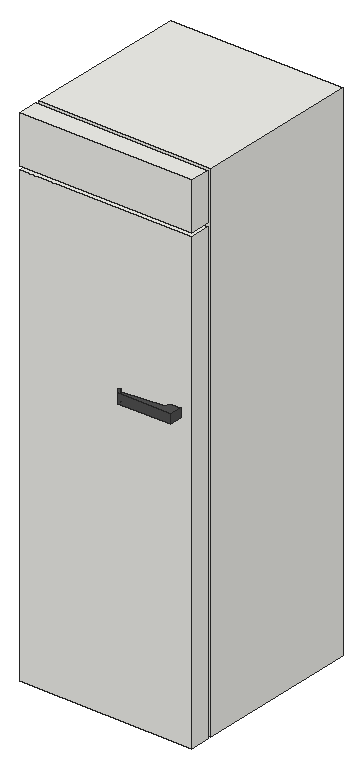
Revit family "M_冰箱", category 特製設備, Revit 2014
Parameters (values of type "600 x 660 mm")
  標籤 = "參考"
  深度 = 660.00 mm
  Description = ""
  高度 = 1830.00 mm
  材質 = 金屬 - 油漆塗層 - 象牙白,霧面
  寬度 = 600.00 mm
Reference planes
  plane 1 "中心 (前/後)": y = -33.785
  plane 2: z = 0
  plane 3 "中心 (左/右)": x = -53.801
  plane 4: x = -353.801
  plane 5: x = 246.199
  plane 6: y = 296.215
  plane 7: y = -363.785
  plane 8: z = 1830
  plane 9 "把手": z = 1087.803
Forms (mm)
  Extrusion 1, solid, material "金屬 - 油漆塗層 - 象牙白,霧面" <- "材質"
    sketch origin (0, -363.785, 0) x (1, 0, 0) y (0, 0, 1)
      loop
        line (-353.801, 1830) -> (-353.801, 50.8) -> (246.199, 50.8) -> (246.199, 1830) -> (-353.801, 1830)
      loop
        line (-328.401, 1626.8) -> (-328.401, 431.8) -> (220.799, 431.8) -> (220.799, 1626.8) -> (-328.401, 1626.8)
    from -82.55 to -660
  Extrusion 2, solid, material "金屬 - 油漆塗層 - 象牙白,霧面"
    sketch origin (0, 296.215, 0) x (1, 0, 0) y (0, 0, 1)
      loop
        line (-328.401, 1804.6) -> (-328.401, 152.4) -> (220.799, 152.4) -> (220.799, 1804.6) -> (-328.401, 1804.6)
    from 0 to 25.4
  Extrusion 3, solid, material "金屬 - 油漆塗層 - 象牙白,霧面" <- "材質"
    sketch origin (0, -363.785, 0) x (1, 0, 0) y (0, 0, 1)
      loop
        line (-353.801, 1652.2) -> (-353.801, 50.8) -> (246.199, 50.8) -> (246.199, 1652.2) -> (-353.801, 1652.2)
      loop
        line (-353.801, 1830) -> (-353.801, 1664.9) -> (246.199, 1664.9) -> (246.199, 1830) -> (-353.801, 1830)
    from -69.85 to 0
  Extrusion 4, solid, material "金屬 - 鉻"
    sketch origin (0, 0, 0) x (1, 0, 0) y (0, 1, 0)
      loop
        circle (-271.251, 220.015) r 25.4
      loop
        circle (163.649, 220.015) r 25.4
      loop
        circle (-271.251, -236.785) r 25.4
      loop
        circle (163.649, -236.785) r 25.4
    from 0 to 50.8
  Extrusion 5, solid, material "金屬 - 鉻"
    sketch origin (0, 0, 1087.803) x (-1, 0, 0) y (0, -1, 0)
      loop
        line (-208.099, 363.785) -> (-168.924, 363.785) -> (-168.924, 383.036) -> (-25.176, 398.254) -> (-15.227, 384.747) -> (-8.724, 389.537) -> (-22.399, 408.104) -> (-208.099, 408.104) -> (-208.099, 363.785)
    from -15.875 to 15.875
Lines and regions (mm)
  Masking region 1
    outline origin (0, 0, 0) x (1, 0, 0) y (0, 1, 0)
      loop
        line (-353.801, 296.215) -> (-353.801, -363.785) -> (246.199, -363.785) -> (246.199, 296.215) -> (-353.801, 296.215)
  symbolic lines, style "SpecialityEquipment"
    curve 1: line (-353.801, 296.215, 0) -> (246.199, 296.215, 0)
    curve 2: line (-353.801, -287.585, 0) -> (-353.801, 296.215, 0)
    curve 4: line (246.199, 296.215, 0) -> (246.199, -287.585, 0)
    curve 7: line (246.199, -287.585, 0) -> (-353.801, -287.585, 0)
    curve 17: line (-353.801, -363.785, 0) -> (246.199, -363.785, 0)
    curve 18: line (-353.801, -290.76, 0) -> (-353.801, -363.785, 0)
    curve 19: line (246.199, -290.76, 0) -> (-353.801, -290.76, 0)
    curve 20: line (246.199, -363.785, 0) -> (246.199, -290.76, 0)
  symbolic lines
    curve 3: line (246.199, -287.585, 0) -> (-353.801, -287.585, 0)
    curve 5: line (-353.801, -363.785, 0) -> (246.199, -363.785, 0)
    curve 6: line (-353.801, -287.585, 0) -> (-353.801, -363.785, 0)
    curve 8: line (246.199, -363.785, 0) -> (246.199, -287.585, 0)
  symbolic lines, style "虛線", detail levels medium+fine
    curve 9: line (184.325, -629.154, 0) -> (-353.801, -363.785, 0)
    curve 21: arc (246.199, -363.785, 0) -> (230.526, -500.028, 0) -> (184.325, -629.154, 0) r 600
  model lines, detail levels medium+fine
    curve 10: line (-341.101, -363.785, 1728.4) -> (-341.101, -363.785, 1830)
    curve 11: line (233.13, -363.785, 1728.4) -> (-341.101, -363.785, 1728.4)
    curve 12: line (233.13, -363.785, 1830) -> (233.13, -363.785, 1728.4)
    curve 13: line (173.682, -363.785, 1705.804) -> (127.789, -363.785, 1705.804)
    curve 14: line (173.682, -363.785, 1685.592) -> (173.682, -363.785, 1705.804)
    curve 15: line (127.789, -363.785, 1685.592) -> (173.682, -363.785, 1685.592)
    curve 16: line (127.789, -363.785, 1705.804) -> (127.789, -363.785, 1685.592)
Dimensions and locks
  equal spacing: plane 4, plane 3 "中心 (左/右)", plane 5
  "寬度": plane 4 to plane 5
  equal spacing: plane 7, plane 1 "中心 (前/後)", plane 6
  "深度": plane 7 to plane 6
  "高度": plane 8 to plane 2
  aligned and locked: Extrusion 1 to plane 6
  aligned and locked: Masking region 1 sketch curve to plane 4
  aligned and locked: plane 6 to Masking region 1 sketch curve
  aligned and locked: plane 5 to Masking region 1 sketch curve
  aligned and locked: Masking region 1 sketch curve to plane 7
Automatic sketch dimensions
  Extrusion 2 sketch curve to plane 4 = 25.40 mm
  plane 5 to Extrusion 2 sketch curve = 25.40 mm
  level to Extrusion 2 sketch curve = 152.40 mm
  plane 8 to Extrusion 2 sketch curve = 25.40 mm
  Extrusion 4 sketch curve to Extrusion 4 sketch curve = 25.40 mm  (x4)
  curve 10 to plane 8 = 0.00 mm
  curve 12 to plane 8 = 0.00 mm
  curve 10 to plane 4 = 12.70 mm
  plane 3 "中心 (左/右)" to curve 15 = 181.59 mm
  plane 5 to curve 15 = 72.517 mm
  plane 5 to curve 11 = 13.069 mm
  plane 8 to curve 11 = 101.60 mm
  curve 14 to curve 11 = 22.596 mm
  curve 15 to curve 13 = 20.212 mm
  Extrusion 5 sketch curve to plane 7 = 0.00 mm
  plane 5 to Extrusion 5 sketch curve = 38.10 mm
  Extrusion 5 sketch curve to Extrusion 5 sketch curve = 39.175 mm
  plane 7 to Extrusion 5 sketch curve = 34.469 mm
  plane 3 "中心 (左/右)" to Extrusion 5 sketch curve = 78.977 mm
  Extrusion 5 sketch curve to Extrusion 5 sketch curve = 2.777 mm
  plane 7 to Extrusion 5 sketch curve = 20.962 mm
  Extrusion 5 sketch curve to Extrusion 5 sketch curve = 9.948 mm
  plane 7 to Extrusion 5 sketch curve = 25.752 mm
  Extrusion 5 sketch curve to Extrusion 5 sketch curve = 19.251 mm
  curve 1 to plane 4 = 0.00 mm
  curve 18 to plane 4 = 0.00 mm
  curve 21 to plane 4 = 0.00 mm
  curve 4 to plane 5 = 0.00 mm
  curve 17 to plane 5 = 0.00 mm
  curve 8 to plane 7 = 0.00 mm
  curve 20 to plane 7 = 0.00 mm
  curve 1 to plane 6 = 0.00 mm
  plane 5 to curve 21 = 61.874 mm
  curve 9 to curve 21 = 0.00 mm  (x2)
  curve 19 to plane 7 = 73.025 mm
  curve 19 to curve 3 = 3.175 mm
  Extrusion 1 sketch curve to plane 4 = 0.00 mm
  Extrusion 1 sketch curve to plane 5 = 0.00 mm
  Extrusion 1 sketch curve to plane 8 = 0.00 mm
  Extrusion 1 sketch curve to plane 4 = 25.40 mm
  plane 5 to Extrusion 1 sketch curve = 25.40 mm
  plane 8 to Extrusion 1 sketch curve = 203.20 mm
  level to Extrusion 1 sketch curve = 431.80 mm
  level to Extrusion 1 sketch curve = 50.80 mm
  Extrusion 4 sketch curve to plane 4 = 107.95 mm  (x2)
  plane 5 to Extrusion 4 sketch curve = 107.95 mm  (x2)
  plane 6 to Extrusion 4 sketch curve = 76.20 mm  (x2)
  Extrusion 4 sketch curve to plane 7 = 127.00 mm  (x2)
  Extrusion 3 sketch curve to plane 4 = 0.00 mm  (x2)
  Extrusion 3 sketch curve to plane 5 = 0.00 mm  (x2)
  Extrusion 3 sketch curve to plane 8 = 0.00 mm
  plane 8 to Extrusion 3 sketch curve = 165.10 mm
  Extrusion 3 sketch curve to Extrusion 3 sketch curve = 12.70 mm
  level to Extrusion 3 sketch curve = 50.80 mm
